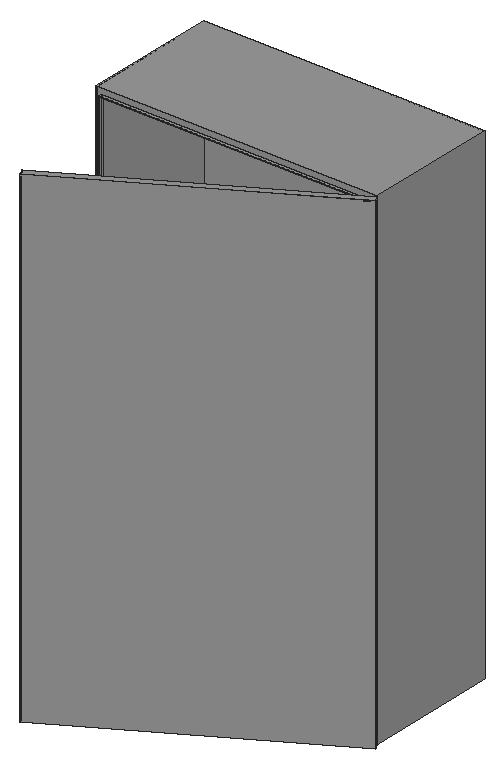
Revit family "Hager-Univers-IP55-D400-H1400-Cl.I-Steel_encl-NoHosted-DE-de", category Equipement électrique, Revit 2020
Family settings
  Configuration du panneau = Deux colonnes, circuits au sein
  Cote de connecteur circulaire = Utiliser le diamètre
  Type d'élément = Tableau de raccordement
  Basée sur le plan de construction = Oui
  Toujours verticalement = Oui
  Couper avec des vides une fois chargée = Non
  Partagée = Non
  Point de calcul de pièce = Non
Parameters (values of type "Aufputz IP55 B800 H1400 T400  - FR93G")
  Width Control [instance] = if([EF000008 - Breite] > Min Width, [EF000008 - Breite], Min Width)  # 800 mm
  Commentaires du type = [HG000003 - Bereich]  # "Univers"
  Thickness Door [instance] = if([EF009171 - Materialstärke Tür/Deckel] > 3 mm, 3 mm, [EF009171 - Materialstärke Tür/Deckel])  # 1.5 mm
  Seal Frame Offset [instance] = 17 mm  # constant formula
  Plinth Visibility [instance] = [HG000027 - Sockelhöhe] > 0 mm  # no
  Min Width [instance] = 100 mm  # constant formula
  Min Depth [instance] = (2 * [EF009170 - Materialstärke Gehäuse]) + 1 mm  # 4 mm
  Min Height [instance] = 100 mm  # constant formula
  Internal Frame Depth [instance] = (Door System Depth * 0.5)  # 9 mm
  Panel Name [instance] = ""  # (empty or 0)
  Model = ""
  HG000027 - Sockelhöhe = 0 mm
  HG000026 - Stehend auf dem Boden = no
  HG000024 - Höhe des unteren Teils = 600 mm
  HG000023 - Gehäuse mit doppeltem Querschnitt = no
  HG000016 - 3D-Türsichtbarkeit [instance] = yes
  HG000015 - Sichtbarkeit der Türöffnung [instance] = no
  HG000014 - Tür rechts [instance] = yes
  HG000013 - Tür links [instance] = not([HG000014 - Tür rechts])  # no
  HG000012 - Türschwenkwinkel [instance] = 30.00°
  HG000010 - Asymmetrische Türen = no
  HG000009 - Doppelflügeligen Tür = no
  HG000006 - Unterputz = no
  HG000004 - Herstellerreferenz = "FR93G"
  HG000003 - Bereich = "Univers"
  HG000002 - Mit tür = yes
  Frame Offset Bottom [instance] = 10 mm  # constant formula
  Frame Offset [instance] = 15 mm  # constant formula
  EF015940 - Deckel mit Überdruckentlastung = no
  EF011959 - Schutzart (NEMA) = ""
  EF009554 - Anzahl der Öffnungen für Flanschplatten = 6
  EF009212 - Ausführung Deckel = "EV000116 - geschlossen"
  EF009171 - Materialstärke Tür/Deckel = 1.5 mm
  EF009170 - Materialstärke Gehäuse = 1.5 mm
  EF008873 - Nennstrom (In) = 800 A
  EF007800 - Geeignet für Blitzschutz = no
  EF006306 - Mit Schloss = no
  EF006244 - Transparenter Deckel/Tür = no
  EF005474 - Schutzart (IP) = "EV006420 - IP55"
  EF004464 - Art der Tür = "EV002646 - Einzel"
  EF004427 - Anzahl der Module = 324
  EF004293 - Schlagfestigkeit = "EV008784 - IK10"
  EF003532 - Geeignet für Außengebrauch = no
  EF002950 - Breite in Teilungseinheiten = 24
  EF001613 - Funktionserhalt = "EV000494 - ohne"
  EF001596 - Werkstoff des Gehäuses = "EV000179 - Stahl"
  EF001131 - Innentiefe = 400 mm
  EF001088 - Anbaumöglichkeit = yes
  EF000437 - Anzahl der Leitungseinführungen = 6
  EF000339 - Art der Abdeckung = "EV004216 - Tür"
  EF000266 - Anzahl der Reihen = 9
  EF000218 - Einbautiefe = 0 mm
  EF000118 - Mit Montageplatte = no
  EF000116 - RAL-Nummer = "7035"
  EF000049 - Tiefe = 400 mm
  EF000040 - Höhe = 1400 mm
  EF000008 - Breite = 800 mm
  EF000007 - Farbe = "EV000270 - grau"
  EF000003 - Montageart = "EV000384 - Aufputz"
  Door System Leaf Tolerance [instance] = 1.5 mm  # constant formula
  Door System Depth [instance] = 18 mm  # constant formula
  Door Height [instance] = Height Control - [HG000027 - Sockelhöhe]  # 1400 mm
  Description = ""
  Default Elevation = 1219.2 mm
  Connector Offset [instance] = Height Control / 2  # 700 mm
  Fabricant = "Hager"  # constant formula
  Height Control [instance] = if([EF000040 - Höhe] > Min Height, [EF000040 - Höhe], Min Height)  # 1400 mm
  Depth Control [instance] = if([EF000049 - Tiefe] > Min Depth, [EF000049 - Tiefe], Min Depth)  # 400 mm
  Bottom Top Plate Trim [instance] = 1.5 mm  # constant formula
  Plinth height Ctrl [instance] = if([HG000027 - Sockelhöhe] > 0 mm, [HG000027 - Sockelhöhe], 12 mm)  # 12 mm
Types (3, lengths in mm): name | Width Control | HG000009 - Doppelflügeligen Tür | HG000004 - Herstellerreferenz | EF009554 - Anzahl der Öffnungen für Flanschplatten | EF004464 - Art der Tür | EF004427 - Anzahl der Module | EF000437 - Anzahl der Leitungseinführungen | EF000008 - Breite
  Aufputz IP55 B1050 H1400 T400  - FR94G | 1050 | yes | "FR94G" | 8 | "EV003602 - Doppel" | 432 | 8 | 1050
  Aufputz IP55 B550 H1400 T400  - FR92G | 550 | no | "FR92G" | 4 | "EV002646 - Einzel" | 216 | 4 | 550
  Aufputz IP55 B800 H1400 T400  - FR93G | 800 | no | "FR93G" | 6 | "EV002646 - Einzel" | 324 | 6 | 800
Reference planes
  plane 1 "Center (Front/Back)": y = 0
  plane 2: z = 0
  plane 3 "Center (Left/Right)": x = 0
  plane 4: y = 0
  plane 5: y = 0
  plane 6: z = 0
  plane 7: x = -400
  plane 8: x = 400
  plane 9: x = 398.5
  plane 10: x = -398.5
  plane 11: z = 0
  plane 12: z = 1.5
  plane 13: y = -400
  plane 14: y = -1.5
  plane 15: x = 0
  plane 16: y = -382
  plane 17: y = -398.5
  plane 18: y = -380.5
  plane 19: x = -383.5
  plane 20: x = 383.5
  plane 21: z = 11.5
  plane 22: x = -383
  plane 23: x = 383
  plane 24: z = 0
  plane 25: z = 1400
  plane 26: z = 1400
  plane 27: z = 1383.5
  plane 28: z = 1398.5
Forms (mm)
  Extrusion 1, solid, material "Hager_Steel_RAL7035_Light_Grey", detail levels medium+fine
    sketch origin (-208.679, -4572, 0) x (-1, 0, 0) y (0, -1, 0)
      loop
        line (191.321, -4190) -> (-608.679, -4190) -> (-608.679, -4572) -> (191.321, -4572) -> (191.321, -4190)
    from 0 to 1400
  Extrusion 2, void
    sketch origin (-350.771, -400, 1219.2) x (1, 0, 0) y (0, 0, 1)
      loop
        line (-47.729, 179.3) -> (-47.729, -1217.7) -> (749.271, -1217.7) -> (749.271, 179.3) -> (-47.729, 179.3)
    from -19.5 to -398.5
  Extrusion 3, void
    sketch origin (-290.084, -382, 1219.2) x (1, 0, 0) y (0, 0, 1)
      loop
        line (-93.416, -1207.7) -> (673.584, -1207.7) -> (673.584, 164.3) -> (-93.416, 164.3) -> (-93.416, -1207.7)
    from 0 to -1.5
  Extrusion 4, solid, material "Hager_Steel_RAL7035_Light_Grey", visible <- "Plinth Visibility", detail levels medium+fine
    sketch origin (0, 0, 0) x (1, 0, 0) y (0, 1, 0)
      loop
        line (-400, 0) -> (-400, -382) -> (400, -382) -> (400, 0) -> (-400, 0)
    from 0 to 12 <- "Plinth height Ctrl"
  Extrusion 5, solid, material "Hager_Steel_RAL7035_Light_Grey", detail levels coarse
    sketch origin (0, 0, 0) x (1, 0, 0) y (0, 1, 0)
      loop
        line (-400, 0) -> (-400, -400) -> (400, -400) -> (400, 0) -> (-400, 0)
    from 0 to 1400 <- "Height Control"
  Sweep 6, void
    path in 3D
      loop
        line (-400, -382, 12) -> (400, -382, 12) -> (400, 0, 12) -> (-400, 0, 12) -> (-400, -382, 12)
    profile origin (-400, -191, 12) x (1, 0, 0) y (0, 0, 1)
      loop
        line (0, 0) -> (0, -1.5) -> (1.5, -1.5)
        arc (1.5, -1.5) -> (1.061, -0.439) -> (0, 0) r 1.5
  Extrusion 7, solid, material "Hager_Steel_RAL7035_Light_Grey", detail levels fine
    sketch origin (-400, -382, 0) x (1, 0, 0) y (0, 0, 1)
      loop
        line (16.5, 11.5) -> (783.5, 11.5) -> (783.5, 1383.5) -> (16.5, 1383.5) -> (16.5, 11.5)
      loop
        line (15, 10) -> (785, 10) -> (785, 1385) -> (15, 1385) -> (15, 10)
    from 0 to 9 <- "Internal Frame Depth"
Cuts and joins
  Extrusion 2, Extrusion 3 cuts Extrusion 1
  Sweep 6 cuts Extrusion 4
Lines and regions (mm)
  Masking region 1
    outline origin (0, 0, 0) x (1, 0, 0) y (0, 1, 0)
      loop
        line (-400, 0) -> (-400, -400) -> (400, -400) -> (400, 0) -> (-400, 0)
  Masking region 2, detail levels coarse
    outline origin (-290.084, -382, 1219.2) x (-1, 0, 0) y (0, 0, 1)
      loop
        line (-690.084, -1219.2) -> (109.916, -1219.2) -> (109.916, 180.8) -> (-690.084, 180.8) -> (-690.084, -1219.2)
  Masking region 3, detail levels coarse
    outline origin (0, 0, 0) x (0, 1, 0) y (0, 0, 1)
      loop
        line (0, 0) -> (0, 1400) -> (-400, 1400) -> (-400, 0) -> (0, 0)
  Masking region 4, visible <- "Plinth Visibility", detail levels medium+fine
    outline origin (0, 0, 0) x (0, 1, 0) y (0, 0, 1)
      loop
        line (-1.5, 12) -> (-380.5, 12)
        arc (-380.5, 12) -> (-380.939, 10.939) -> (-382, 10.5) r 1.5
        line (-382, 10.5) -> (-382, 0) -> (0, 0) -> (0, 10.5)
        arc (0, 10.5) -> (-1.061, 10.939) -> (-1.5, 12) r 1.5
  Masking region 5, detail levels medium+fine
    outline origin (0, 0, 594.038) x (0, 1, 0) y (0, 0, 1)
      loop
        line (0, -594.038) -> (0, 805.962) -> (-382, 805.962) -> (-382, -594.038) -> (0, -594.038)
  Masking region 6, detail levels medium+fine
    outline origin (-359.7, -382, 1211.883) x (-1, 0, 0) y (0, 0, 1)
      loop
        line (-759.7, -1211.883) -> (40.3, -1211.883) -> (40.3, 188.117) -> (-759.7, 188.117) -> (-759.7, -1211.883)
  Masking region 7, visible <- "Plinth Visibility", detail levels medium+fine
    outline origin (-320.334, -382, 1041.368) x (-1, 0, 0) y (0, 0, 1)
      loop
        line (-720.334, -1041.368) -> (79.666, -1041.368) -> (79.666, -1030.868)
        arc (79.666, -1030.868) -> (78.606, -1030.429) -> (78.166, -1029.368) r 1.5
        line (78.166, -1029.368) -> (-718.834, -1029.368)
        arc (-718.834, -1029.368) -> (-719.273, -1030.429) -> (-720.334, -1030.868) r 1.5
        line (-720.334, -1030.868) -> (-720.334, -1041.368)
  sketch lines
    curve 1: line (-400, 0, 12) -> (-400, -382, 12)
    curve 2: line (-400, -382, 12) -> (400, -382, 12)
    curve 3: line (400, 0, 12) -> (-400, 0, 12)
    curve 4: line (400, -382, 12) -> (400, 0, 12)
Dimensions and locks
  locked: plane 1 "Center (Front/Back)" to plane 5
  "EF009170 - Materialstärke Gehäuse": plane 7 to plane 10
  "EF009170 - Materialstärke Gehäuse": plane 8 to plane 9
  equal spacing: plane 7, plane 3 "Center (Left/Right)", plane 8
  "Width Control": plane 7 to plane 8
  "Depth Control": plane 4 to plane 13
  "EF009170 - Materialstärke Gehäuse": plane 4 to plane 14
  "Height Control": plane 25 to level
  "HG000027 - Sockelhöhe": plane 11 to level
  "EF009170 - Materialstärke Gehäuse": plane 12 to plane 11
  "EF009170 - Materialstärke Gehäuse": plane 17 to plane 13
  "EF009170 - Materialstärke Gehäuse": plane 18 to plane 16
  "Frame Offset Bottom": plane 21 to plane 12
  "Frame Offset": plane 10 to plane 19
  "Frame Offset": plane 9 to plane 20
  "Door System Depth": plane 16 to plane 13
  "Seal Frame Offset": plane 7 to plane 22
  "Seal Frame Offset": plane 8 to plane 23
  "EF009170 - Materialstärke Gehäuse": plane 26 to plane 28
  "Frame Offset": plane 28 to plane 27
  "Connector Offset": plane 2 to connector elem
  "Bottom Top Plate Trim": profile plane to Sweep 6 sketch curve
  "Bottom Top Plate Trim": Sweep 6 sketch curve to Sweep 6 sketch curve
  "Plinth height Ctrl": Masking region 4 sketch curve to level
  "Plinth height Ctrl": Masking region 7 sketch curve to level
  "Thickness Door": Extrusion 7 sketch curve to Extrusion 7 sketch curve  (x4)
  "Bottom Top Plate Trim": radius of Sweep 6 sketch curve
  "Bottom Top Plate Trim": radius of Masking region 4 sketch curve  (x2)
  "Bottom Top Plate Trim": radius of Masking region 7 sketch curve  (x2)
  aligned and locked: Extrusion 2 sketch curve to plane 12
  aligned and locked: Extrusion 2 sketch curve to plane 9
  aligned and locked: Extrusion 2 sketch curve to plane 10
  aligned and locked: Extrusion 2 to plane 14
  aligned and locked: Extrusion 1 sketch curve to plane 4
  aligned and locked: plane 8 to Extrusion 1 sketch curve
  aligned and locked: plane 7 to Extrusion 1 sketch curve
  aligned and locked: Extrusion 2 to plane 18
  aligned and locked: Extrusion 3 sketch curve to plane 19
  aligned and locked: plane 20 to Extrusion 3 sketch curve
  aligned and locked: Extrusion 3 to Extrusion 2
  aligned and locked: Extrusion 3 sketch curve to plane 21
  aligned and locked: plane 3 "Center (Left/Right)" to nested 1
  aligned and locked: Extrusion 1 sketch curve to plane 16
  aligned and locked: Extrusion 4 sketch curve to cut or joined group of Extrusion 1, Extrusion 2, Extrusion 3
  aligned and locked: Masking region 1 sketch curve to plane 7
  aligned and locked: Masking region 1 sketch curve to plane 5
  aligned and locked: Masking region 1 sketch curve to plane 8
  aligned and locked: Masking region 2 sketch curve to level
  aligned and locked: level to Masking region 3 sketch curve
  aligned and locked: plane 1 "Center (Front/Back)" to Masking region 3 sketch curve
  aligned and locked: plane 13 to Masking region 3 sketch curve
  aligned and locked: plane 5 to Masking region 4 sketch curve
  aligned and locked: Masking region 2 sketch curve to plane 8
  aligned and locked: Masking region 2 sketch curve to plane 7
  aligned and locked: plane 7 to nested 2
  aligned and locked: nested 2 to plane 5
  aligned and locked: plane 5 to Masking region 5 sketch curve
  aligned and locked: plane 26 to Masking region 5 sketch curve
  aligned and locked: Extrusion 5 sketch curve to plane 8
  aligned and locked: Extrusion 5 sketch curve to plane 7
  aligned and locked: Extrusion 5 sketch curve to plane 5
  aligned and locked: Extrusion 3 sketch curve to plane 27
  aligned and locked: Extrusion 2 sketch curve to plane 28
  aligned and locked: Masking region 2 to plane 25
  aligned and locked: Extrusion 4 to plane 16
  aligned and locked: profile plane to Sweep 6 sketch curve
  aligned and locked: Masking region 5 sketch curve to plane 24
  aligned and locked: level to Masking region 4 sketch curve
  aligned and locked: Masking region 1 to plane 13
  aligned and locked: nested 1 to plane 16
  aligned and locked: Masking region 3 to plane 25
  aligned and locked: plane 16 to Masking region 4 sketch curve
  aligned and locked: Masking region 5 sketch curve to plane 16
  aligned and locked: plane 24 to plane 11
  aligned and locked: plane 26 to plane 25
  aligned and locked: plane 26 to cut or joined group of Extrusion 1, Extrusion 2, Extrusion 3
  aligned and locked: nested 1 to plane 24
  aligned and locked: Extrusion 1 to Extrusion 3
  aligned and locked: Masking region 6 sketch curve to plane 8
  aligned and locked: Masking region 6 sketch curve to plane 24
  aligned and locked: Masking region 6 sketch curve to plane 7
  aligned and locked: Masking region 6 sketch curve to plane 26
  aligned and locked: Masking region 7 sketch curve to plane 7
  aligned and locked: level to Masking region 7 sketch curve
  aligned and locked: Masking region 7 sketch curve to plane 8
  aligned and locked: Extrusion 7 sketch curve to cut or joined group of Extrusion 1, Extrusion 2, Extrusion 3  (x4)
Automatic sketch dimensions
  plane 19 to Extrusion 3 sketch curve = 0 mm
  Extrusion 3 sketch curve to plane 20 = 0 mm
  Extrusion 3 sketch curve to plane 21 = 0 mm
  Extrusion 4 sketch curve to plane 7 = 0 mm
  Extrusion 4 sketch curve to plane 8 = 0 mm
  Extrusion 4 sketch curve to plane 16 = 0 mm
  Masking region 1 sketch curve to plane 13 = 0 mm
  Masking region 2 sketch curve to plane 25 = 0 mm
  Masking region 3 sketch curve to plane 25 = 0 mm
  Extrusion 5 sketch curve to plane 13 = 0 mm
  profile plane to Sweep 6 sketch curve = 0 mm
Nested families
  nested 1: "EC000058_Univers_Door" at (0, -382, 0), Double <- "HG000009 - Doppelflügeligen Tür", Transparent <- "EF006244 - Transparenter Deckel/Tür", Angle <- "HG000012 - Türschwenkwinkel", Door_Right <- "HG000014 - Tür rechts", Assymetrical <- "HG000010 - Asymmetrische Türen", Door <- "HG000002 - Mit tür", Width_Ctrl <- "Width Control", 3d_Door <- "HG000016 - 3D-Türsichtbarkeit", Clearance <- "HG000015 - Sichtbarkeit der Türöffnung", Door_Left <- "HG000013 - Tür links", Width <- "Width Control", Door_Depth <- "Door System Depth", Leaf_Tolerance <- "Door System Leaf Tolerance", Height <- "Door Height", Lock_Visibility <- "EF006306 - Mit Schloss", Thickness <- "Thickness Door", type "EC000058_Univers_Door", detail levels medium+fine
    with min_wh 4 mm, Width_Ctrl 800 mm, Width 800 mm, Transparent no, Thickness 1.5 mm, Seal_Material Hager_Rubber, Lock_Visibility no, Lock_Material Hager_Plastic_RAL9005_Jet_Black, Leaf_Width 800 mm, Leaf_Tolerance_External_Sides 0 mm, Leaf_Tolerance 1.5 mm, Leaf_Offset 0 mm, Leaf_Height 1397 mm, Leaf_2_Width 800 mm, Leaf_2_Offset 400 mm, Leaf_1_Width 800 mm, Leaf_1_Offset 400 mm, Height_Ctrl 1400 mm, Height 1400 mm, Glass_Material Hager_Glass, Double_Clearance_Ctrl no, Double no, Door_Right_Ctrl yes, Door_Right yes, Door_Material Hager_Steel_RAL7035_Light_Grey, Door_Left_Ctrl no, Door_Left no, Door_Depth 18 mm, Door yes, Clearance_Material Hager_Clearance, Clearance_Depth 800 mm, Clearance_Ctrl no, Clearance no, Assymetrical no, Angle 30.00°, 3d_Door yes
  nested 2: "Hager_Enclosure_Symbol" at (-400, 0, 0), Height <- "Depth Control", Width <- "Width Control", type "Hager_Enclosure_Symbol"
    with Width_Ctrl 800 mm, Width 800 mm, Height_Ctrl 400 mm, Height 400 mm, A_Width_Int 26.25 mm, A_Width 315 mm, A_Height_Ctrl 350 mm, A_Height 350 mm
Connectors
  electrical at (0, 0, 700)
    settings: on plane 1 "Center (Front/Back)", index 1, voltage 0 V, apparent load 0 VA, apparent load phase1 0 VA, apparent load phase2 0 VA, apparent load phase3 0 VA, power factor 1, load classification "Other", number of poles 1, system type 30, power factor state 1, is connector primary yes, connector utility no, sub classification motor no, connector description ""
Definition of nested family "EC000058_Univers_Door"
  Parameters (values of type "EC000058_Univers_Door")
    min_wh [instance] = (2 * Thickness) + 1 mm  # 11 mm
    Width_Ctrl [instance] = 400 mm
    Width [instance] = 500 mm
    Transparent [instance] = yes
    Thickness [instance] = 5 mm
    Seal_Material [instance] = none
    Lock_Visibility [instance] = yes
    Lock_Material [instance] = none
    Leaf_Width [instance] = if((Width_Ctrl - 2 * Leaf_Tolerance_External_Sides) > 0 mm, (Width_Ctrl - 2 * Leaf_Tolerance_External_Sides), min_wh)  # 400 mm
    Leaf_Tolerance_External_Sides [instance] = 0 mm  # constant formula
    Leaf_Tolerance [instance] = 1.5 mm
    Leaf_Offset [instance] = 0 mm  # constant formula
    Leaf_Height [instance] = if((Height_Ctrl - 2 * Leaf_Tolerance) > 0 mm, (Height_Ctrl - 2 * Leaf_Tolerance), min_wh)  # 497 mm
    Leaf_2_Width [instance] = if(and(and(Double, Assymetrical), Door_Left), (Leaf_Width / 3) - (Leaf_Tolerance / 2), if(and(and(Double, Assymetrical), Door_Right), (Leaf_Width / 3) * 2 - (Leaf_Tolerance / 2), if(and(Double, not(Assymetrical)), (Leaf_Width / 2) - Leaf_Tolerance, Leaf_Width)))  # 400 mm
    Leaf_2_Offset [instance] = if(and(Double, Assymetrical), Leaf_2_Width / 2, if(and(Double, not(Assymetrical)), Leaf_Width / 4, Leaf_Width / 2))  # 200 mm
    Leaf_1_Width [instance] = if(and(and(Double, Assymetrical), Door_Right), (Leaf_Width / 3) - (Leaf_Tolerance / 2), if(and(and(Double, Assymetrical), Door_Left), (Width / 3) * 2 - (Leaf_Tolerance / 2), if(and(Double, not(Assymetrical)), (Leaf_Width / 2) - Leaf_Tolerance, Leaf_Width)))  # 400 mm
    Leaf_1_Offset [instance] = if(and(Double, Assymetrical), Leaf_1_Width / 2, if(and(Double, not(Assymetrical)), Leaf_Width / 4, Leaf_Width / 2))  # 200 mm
    Height_Ctrl [instance] = if(Height > min_wh, Height, min_wh)  # 500 mm
    Height [instance] = 500 mm
    Glass_Material [instance] = none
    Double_Clearance_Ctrl [instance] = and(Double, Clearance)  # no
    Double [instance] = no
    Door_Right_Ctrl [instance] = and(or(Door_Right, Double), Door)  # yes
    Door_Right [instance] = yes
    Door_Material [instance] = none
    Door_Left_Ctrl [instance] = and(or(Door_Left, Double), Door)  # no
    Door_Left [instance] = no
    Door_Depth [instance] = 30 mm
    Door [instance] = yes
    Default Elevation = 1219.2 mm
    Clearance_Material [instance] = none
    Clearance_Depth [instance] = if(Leaf_1_Width > Leaf_2_Width, Leaf_1_Width, Leaf_2_Width)  # 400 mm
    Clearance_Ctrl [instance] = and(not(Double), Clearance)  # yes
    Clearance [instance] = yes
    Assymetrical [instance] = yes
    Angle [instance] = 30.00°
    3d_Door [instance] = yes
  Reference planes
    plane 1 "Center (Front/Back)": y = 0
    plane 2 "Bottom": z = 0
    plane 3 "Center (Left/Right)": x = 0
    plane 4: z = 500
    plane 5: x = -200
    plane 6: x = 200
    plane 7: z = 500
    plane 8: x = -200
    plane 9: z = 0
    plane 10: x = 200
    plane 11: y = 0
    plane 12: z = 1.5
    plane 13: x = -600
    plane 14: y = -400
    plane 15: x = 600
    plane 16: x = 0
    plane 17: x = 0
    plane 18: x = -200
    plane 19: x = 200
    plane 20: z = 498.5
  Forms (mm)
    Extrusion 1, solid, material <- "Clearance_Material", visible <- "Double_Clearance_Ctrl"
      sketch origin (1200, 0, 0) x (1, 0, 0) y (0, 0, -1)
        loop
          line (-1800, -498.5) -> (-600, -498.5) -> (-600, 0) -> (-1800, 0) -> (-1800, -498.5)
      from 0 to -400
  Dimensions and locks
    equal spacing: plane 5, plane 3 "Center (Left/Right)", plane 6
    "Width_Ctrl": plane 5 to plane 6
    "Leaf_Offset": plane 5 to plane 8
    "Leaf_Offset": plane 6 to plane 10
    "Leaf_Offset": plane 9 to level
    "Leaf_Offset": plane 4 to plane 7
    "Height_Ctrl": plane 4 to level
    "Leaf_Tolerance": plane 12 to plane 9
    locked: plane 11 to plane 1 "Center (Front/Back)"
    "Leaf_1_Offset": plane 18 to plane 16
    "Leaf_2_Offset": plane 17 to plane 19
    "Leaf_1_Width": plane 13 to plane 8
    "Leaf_2_Width": plane 10 to plane 15
    "Clearance_Depth": plane 14 to plane 1 "Center (Front/Back)"
    "Leaf_Tolerance_External_Sides": plane 8 to plane 18
    "Leaf_Tolerance_External_Sides": plane 19 to plane 10
    "Leaf_Tolerance": plane 7 to plane 20
    aligned and locked: level to plane 2 "Bottom"
    aligned and locked: nested 1 to plane 16
    aligned and locked: nested 2 to plane 17
    aligned and locked: Extrusion 1 to plane 13
    aligned and locked: plane 15 to Extrusion 1
    aligned and locked: Extrusion 1 to plane 14
    aligned and locked: plane 12 to nested 1
    aligned and locked: nested 2 to plane 12
    aligned and locked: Extrusion 1 to plane 11
    aligned and locked: plane 20 to Extrusion 1
    aligned and locked: nested 2 to plane 11
    aligned and locked: nested 1 to plane 11
  Automatic sketch dimensions
    Extrusion 1 sketch curve to level = 0 mm
    plane 5 to Extrusion 1 sketch curve = 400 mm
    plane 6 to Extrusion 1 sketch curve = 400 mm
    Extrusion 1 sketch curve to plane 4 = 1.5 mm
  Nested families
    nested 1: "EC000058_Univers_Door_Leaf" at (0, 0, 1.5), Width <- "Leaf_1_Width", visible <- "Door_Left_Ctrl", Leaf_Height <- "Leaf_Height", Angle <- "Angle", 3d_Door <- "3d_Door", Transparent <- "Transparent", Clearance Material <- "Clearance_Material", Clearance <- "Clearance_Ctrl", Door_Material <- "Door_Material", Glass_Material <- "Glass_Material", Door_Depth <- "Door_Depth", Lock_Material <- "Lock_Material", Seal_Material <- "Seal_Material", Lock_Visibility <- "Lock_Visibility", Thickness <- "Thickness", type "EC000058_Univers_Door_Leaf"
      with Width 400 mm, Transparent_Glass_Offset 30 mm, Transparent_Ctrl yes, Transparent yes, Thickness 5 mm, Standard no, Seal_Material none, Seal_D2 8 mm, Seal_D1 1 mm, Offset_Internal_Frame 10 mm, Lock_Width 20 mm, Lock_Visibility_3d yes, Lock_Visibility yes, Lock_Thickness_3 3 mm, Lock_Thickness_2 1 mm, Lock_Thickness_1 3 mm, Lock_Radius_Offset_2 16 mm, Lock_Radius_Offset_1 15 mm, Lock_Radius_2 5 mm, Lock_Radius 6 mm, Lock_Offset 5 mm, Lock_Material none, Lock_Height 80 mm, Lock_Cover_Top_Offset_2d 17 mm, Lock_Cover_Height -65 mm, Leaf_Height 497 mm, Internal_Seal_Thickness 8 mm, Internal_Seal_Depth_2 4.5 mm, Internal_Frame_Depth 25 mm, Glass_Thickness -1 mm, Glass_Offset -2 mm, Glass_Material none, Door_Material none, Door_Depth 30 mm, Clearance Material none, Clearance yes, Angle_Ctrl 30.00°, Angle 30.00°, 3d_Door yes
    nested 2: "EC000058_Univers_Door_Leaf" at (0, 0, 1.5) x (-1, 0, 0) z (0, 0, 1), Width <- "Leaf_2_Width", visible <- "Door_Right_Ctrl", Leaf_Height <- "Leaf_Height", Angle <- "Angle", 3d_Door <- "3d_Door", Transparent <- "Transparent", Clearance Material <- "Clearance_Material", Clearance <- "Clearance_Ctrl", Door_Material <- "Door_Material", Glass_Material <- "Glass_Material", Door_Depth <- "Door_Depth", Lock_Material <- "Lock_Material", Seal_Material <- "Seal_Material", Lock_Visibility <- "Lock_Visibility", Thickness <- "Thickness", type "EC000058_Univers_Door_Leaf"
      with Width 400 mm, Transparent_Glass_Offset 30 mm, Transparent_Ctrl yes, Transparent yes, Thickness 5 mm, Standard no, Seal_Material none, Seal_D2 8 mm, Seal_D1 1 mm, Offset_Internal_Frame 10 mm, Lock_Width 20 mm, Lock_Visibility_3d yes, Lock_Visibility yes, Lock_Thickness_3 3 mm, Lock_Thickness_2 1 mm, Lock_Thickness_1 3 mm, Lock_Radius_Offset_2 16 mm, Lock_Radius_Offset_1 15 mm, Lock_Radius_2 5 mm, Lock_Radius 6 mm, Lock_Offset 5 mm, Lock_Material none, Lock_Height 80 mm, Lock_Cover_Top_Offset_2d 17 mm, Lock_Cover_Height -65 mm, Leaf_Height 497 mm, Internal_Seal_Thickness 8 mm, Internal_Seal_Depth_2 4.5 mm, Internal_Frame_Depth 25 mm, Glass_Thickness -1 mm, Glass_Offset -2 mm, Glass_Material none, Door_Material none, Door_Depth 30 mm, Clearance Material none, Clearance yes, Angle_Ctrl 30.00°, Angle 30.00°, 3d_Door yes
  Definition of nested family "EC000058_Univers_Door_Leaf"
    Parameters (values of type "EC000058_Univers_Door_Leaf")
      Width [instance] = 2000 mm
      Transparent_Glass_Offset [instance] = 30 mm
      Transparent_Ctrl [instance] = and(Transparent, [3d_Door])  # yes
      Transparent [instance] = yes
      Thickness [instance] = 5 mm
      Standard [instance] = and(not(Transparent), [3d_Door])  # no
      Seal_Material [instance] = none
      Seal_D2 [instance] = 8 mm  # constant formula
      Seal_D1 [instance] = 1 mm  # constant formula
      Offset_Internal_Frame [instance] = 10 mm  # constant formula
      Lock_Width [instance] = 20 mm  # constant formula
      Lock_Visibility_3d [instance] = and(Lock_Visibility, [3d_Door])  # yes
      Lock_Visibility [instance] = yes
      Lock_Thickness_3 [instance] = 3 mm  # constant formula
      Lock_Thickness_2 [instance] = 1 mm  # constant formula
      Lock_Thickness_1 [instance] = 3 mm  # constant formula
      Lock_Radius_Offset_2 [instance] = Lock_Radius_Offset_1 + 1 mm  # 16 mm
      Lock_Radius_Offset_1 [instance] = 15 mm  # constant formula
      Lock_Radius_2 [instance] = Lock_Radius - 1 mm  # 5 mm
      Lock_Radius [instance] = 6 mm  # constant formula
      Lock_Offset [instance] = 5 mm  # constant formula
      Lock_Material [instance] = none
      Lock_Height [instance] = 80 mm  # constant formula
      Lock_Cover_Top_Offset_2d [instance] = Lock_Radius_Offset_2 + 1 mm  # 17 mm
      Lock_Cover_Height [instance] = -(Lock_Height - Lock_Radius_Offset_1)  # -65 mm
      Leaf_Height [instance] = 2720.336 mm
      Internal_Seal_Thickness [instance] = 8 mm  # constant formula
      Internal_Seal_Depth_2 [instance] = 4.5 mm  # constant formula
      Internal_Frame_Depth [instance] = if(Door_Depth - Thickness > 5 mm, Door_Depth - Thickness, 5 mm)  # 25 mm
      Glass_Thickness [instance] = if(Thickness > 15 mm, Glass_Offset + 10 mm, -1 mm)  # -1 mm
      Glass_Offset [instance] = if(Thickness > 15 mm, -(Thickness + 10 mm) / 2, -2 mm)  # -2 mm
      Glass_Material [instance] = none
      Door_Material [instance] = none
      Door_Depth [instance] = 30 mm
      Default Elevation = 0 mm
      Clearance Material [instance] = none
      Clearance [instance] = yes
      Angle_Ctrl [instance] = if(Angle > 180.00°, 180.00°, Angle)  # 90.00°
      Angle [instance] = 90.00°
      3d_Door [instance] = yes
    Reference planes
      plane 1 "Center (Front/Back)": y = 0
      plane 2: z = 0
      plane 3 "Center (Left/Right)": x = 0
      plane 4: y = 2000
      plane 5: x = -1000
      plane 6: x = 1000
      plane 7: x = -3000
      plane 8: z = 2720.336
      plane 9: z = 30
      plane 10: z = 2690.336
      plane 11: x = 970
      plane 12: x = -970
      plane 13: y = -3
      plane 14: z = 107.833
      plane 15: y = -5
      plane 16: y = -223.314
      plane 17: x = -1000
      plane 18: z = 1360.168
      plane 19: y = 30
    Forms (mm)
      Extrusion 1, solid, material <- "Clearance Material", visible <- "Clearance"
        sketch origin (0, 0, 0) x (1, 0, 0) y (0, 0, 1)
          loop
            line (-3000, 2720.336) -> (-3000, 0) -> (1000, 0) -> (1000, 2720.336) -> (-3000, 2720.336)
        from 0 to -2000
      Extrusion 2, solid, material <- "Door_Material", visible <- "Standard", detail levels medium+fine
        sketch origin (-1000, 0, 0) x (0, 1, 0) y (-1, 0, 0)
          loop
            line (0, 30) -> (0, 25) -> (2000, 25) -> (2000, 30) -> (0, 30)
        from 0 to 2720.336 <- "Leaf_Height"
      Extrusion 3, solid, material <- "Door_Material", visible <- "Transparent_Ctrl", detail levels medium+fine
        sketch origin (-1000, 0, 0) x (0, 1, 0) y (-1, 0, 0)
          loop
            line (0, 25) -> (2000, 25) -> (2000, 30) -> (0, 30) -> (0, 25)
        from 0 to 2720.336 <- "Leaf_Height"
      Extrusion 4, void
        sketch origin (-1025, 2000, 0) x (0, 1, 0) y (0, 0, -1)
          loop
            line (-30, -2690.336) -> (-30, -30) -> (-1970, -30) -> (-1970, -2690.336) -> (-30, -2690.336)
        from 0 to 5 <- "Thickness"
      Sweep 5, solid, material <- "Seal_Material", visible <- "Transparent_Ctrl", detail levels fine
        path in 3D
          loop
            line (-1025, 30, 30) -> (-1025, 30, 2690.336) -> (-1025, 1970, 2690.336) -> (-1025, 1970, 30) -> (-1025, 30, 30)
        profile origin (-1025, 1000, 30) x (1, 0, 0) y (0, 0, 1)
          loop
            line (0, 0) -> (0, -8) -> (1, -8) -> (1, 0) -> (0, 0)
      Extrusion 6, solid, material <- "Glass_Material", visible <- "Transparent_Ctrl", detail levels medium+fine
        sketch origin (-1030, 0, 0) x (0, 1, 0) y (0, 0, -1)
          loop
            line (1970, -2690.336) -> (1970, -30) -> (30, -30) -> (30, -2690.336) -> (1970, -2690.336)
        from -2 <- "Glass_Offset" to -1 <- "Glass_Thickness"
      Extrusion 7, solid, material <- "Door_Material", visible <- "3d_Door", detail levels medium+fine
        sketch origin (-1025, 2000, 0) x (0, -1, 0) y (0, 0, -1)
          loop
            line (0, -2720.336) -> (2000, -2720.336) -> (2000, 0) -> (0, 0) -> (0, -2720.336)
          loop
            line (1995, -5) -> (5, -5) -> (5, -2715.336) -> (1995, -2715.336) -> (1995, -5)
        from 0 to 25 <- "Internal_Frame_Depth"
      Sweep 8, solid, material <- "Seal_Material", visible <- "Transparent_Ctrl", detail levels fine
        path in 3D
          loop
            line (-1025, 0, 0) -> (-1025, 2000, 0) -> (-1025, 2000, 2720.336) -> (-1025, 0, 2720.336) -> (-1025, 0, 0)
        profile origin (-1025, 0, 1360.168) x (1, 0, 0) y (0, 1, 0)
          loop
            line (0, 10) -> (2.975, 10)
            arc (2.975, 10) -> (4.053, 10.447) -> (4.5, 11.525) r 1.525
            line (4.5, 11.525) -> (4.5, 16.527)
            arc (4.5, 16.527) -> (4.069, 17.569) -> (3.027, 18) r 1.473
            line (3.027, 18) -> (0, 18) -> (0, 10)
      Extrusion 9, solid, material <- "Lock_Material", visible <- "Lock_Visibility_3d", detail levels fine
        sketch origin (-1030, 0, 0) x (0, 1, 0) y (0, 0, -1)
          loop
            arc (1993.5, -1400.168) -> (1994.561, -1399.729) -> (1995, -1398.668) r 1.5
            line (1995, -1398.668) -> (1995, -1320.168) -> (1975, -1320.168) -> (1975, -1398.668)
            arc (1975, -1398.668) -> (1975.439, -1399.729) -> (1976.5, -1400.168) r 1.5
            line (1976.5, -1400.168) -> (1993.5, -1400.168)
        from 3 <- "Lock_Thickness_1" to 0
      Blend 10, solid, material <- "Lock_Material", visible <- "Lock_Visibility_3d", detail levels fine
        base sketch origin (-1033, 0, 0) x (0, 1, 0) y (0, 0, -1)
          loop
            line (1975, -1320.168) -> (1975, -1398.668)
            arc (1975, -1398.668) -> (1975.439, -1399.729) -> (1976.5, -1400.168) r 1.5
            line (1976.5, -1400.168) -> (1993.5, -1400.168)
            arc (1993.5, -1400.168) -> (1994.561, -1399.729) -> (1995, -1398.668) r 1.5
            line (1995, -1398.668) -> (1995, -1320.168) -> (1975, -1320.168)
        top sketch origin (-1033, 0, 0) x (0, 1, 0) y (0, 0, -1)
          loop
            line (1976, -1320.168) -> (1976, -1398.668)
            arc (1976, -1398.668) -> (1976.146, -1399.022) -> (1976.5, -1399.168) r 0.5
            line (1976.5, -1399.168) -> (1993.5, -1399.168)
            arc (1993.5, -1399.168) -> (1993.854, -1399.022) -> (1994, -1398.668) r 0.5
            line (1994, -1398.668) -> (1994, -1320.168) -> (1976, -1320.168)
        from 0 to 1 <- "Lock_Thickness_2"
      Blend 11, solid, material <- "Lock_Material", visible <- "Lock_Visibility_3d", detail levels fine
        base sketch origin (-1034, 0, 0) x (0, 1, 0) y (0, 0, -1)
          loop
            line (1978, -1320.168) -> (1978, -1384.168)
            arc (1978, -1384.168) -> (1985, -1391.168) -> (1992, -1384.168) r 7
            line (1992, -1384.168) -> (1992, -1320.168) -> (1978, -1320.168)
        top sketch origin (-1034, 0, 0) x (0, 1, 0) y (0, 0, -1)
          loop
            line (1991, -1320.168) -> (1979, -1320.168) -> (1979, -1383.168)
            arc (1979, -1383.168) -> (1985, -1389.168) -> (1991, -1383.168) r 6
            line (1991, -1383.168) -> (1991, -1320.168)
        from 0 to 3 <- "Lock_Thickness_3"
      Extrusion 12, solid, material <- "Lock_Material", visible <- "Lock_Visibility_3d", detail levels fine
        sketch origin (-1030, 1975, 1320.168) x (1, 0, 0) y (0, -1, 0)
          loop
            line (-7, -19) -> (-7, -1) -> (0, -1) -> (0, 0) -> (-8, 0) -> (-8, -20) -> (0, -20) -> (0, -19) -> (-7, -19)
        from 0 to -65 <- "Lock_Cover_Height"
      Extrusion 13, void
        sketch origin (-1038, 1995, 1320.168) x (-1, 0, 0) y (0, 0, -1)
          loop
            line (-5, -65) -> (0, -65) -> (-5, -60) -> (-5, -65)
        from 0 to 20 <- "Lock_Width"
      Extrusion 14, void
        sketch origin (-1038, 1975, 1320.168) x (0, -1, 0) y (0, 0, -1)
          loop
            circle (-10, -15.995) r 6
          loop
            circle (-10, -15.995) r 5
        from 0 to 2
      Extrusion 15, solid, material <- "Lock_Material", visible <- "Lock_Visibility_3d", detail levels medium
        sketch origin (-1030, 0, 0) x (0, 1, 0) y (0, 0, -1)
          loop
            arc (1993.5, -1400.168) -> (1994.561, -1399.729) -> (1995, -1398.668) r 1.5
            line (1995, -1398.668) -> (1995, -1320.168) -> (1975, -1320.168) -> (1975, -1398.668)
            arc (1975, -1398.668) -> (1975.439, -1399.729) -> (1976.5, -1400.168) r 1.5
            line (1976.5, -1400.168) -> (1993.5, -1400.168)
        from 8 to 0
    Cuts and joins
      Extrusion 4 cuts Extrusion 3
      Extrusion 13, Extrusion 14 cuts Extrusion 9
      Extrusion 14 cuts Blend 11
      Extrusion 13, Extrusion 14 cuts Extrusion 12
      joined: Extrusion 9, Blend 10, Blend 11, Extrusion 12
      Extrusion 14 cuts Extrusion 15
    Lines and regions (mm)
      Masking region 1, visible <- "Lock_Visibility", detail levels fine
        outline origin (0, 0, 0) x (0, 1, 0) y (0, 0, 1)
          loop
            line (30, 1320.168) -> (33, 1320.168) -> (33, 1400.168) -> (30, 1400.168) -> (30, 1320.168)
      Masking region 2, visible <- "Lock_Visibility", detail levels fine
        outline origin (0, 3.143, 0) x (0, 1, 0) y (0, 0, 1)
          loop
            line (29.857, 1354.168) -> (30.857, 1354.168) -> (30.857, 1366.168) -> (29.857, 1366.168) -> (29.857, 1354.168)
      Masking region 3, detail levels medium+fine
        outline origin (0, 0, 0) x (0, 1, 0) y (0, 0, 1)
          loop
            line (0, 0) -> (30, 0) -> (30, 2720.336) -> (0, 2720.336) -> (0, 0)
      Masking region 4, detail levels medium+fine
        outline origin (0, 0, 0) x (1, 0, 0) y (0, 0, 1)
          loop
            line (-1000, 2720.336) -> (-1000, 0) -> (1000, 0) -> (1000, 2720.336) -> (-1000, 2720.336)
      Masking region 5, visible <- "Lock_Visibility", detail levels fine
        outline origin (-47.116, 0, 0) x (1, 0, 0) y (0, 0, 1)
          loop
            arc (1024.616, 1399.168) -> (1023.556, 1398.729) -> (1023.116, 1397.668) r 1.5
            line (1023.116, 1397.668) -> (1023.116, 1320.168) -> (1041.116, 1320.168) -> (1041.116, 1397.668)
            arc (1041.116, 1397.668) -> (1040.677, 1398.729) -> (1039.616, 1399.168) r 1.5
            line (1039.616, 1399.168) -> (1024.616, 1399.168)
      Masking region 6, visible <- "Lock_Visibility", detail levels medium+fine
        outline origin (-25, 0, 0) x (1, 0, 0) y (0, 0, 1)
          loop
            arc (1001.5, 1400.168) -> (1000.439, 1399.729) -> (1000, 1398.668) r 1.5
            line (1000, 1398.668) -> (1000, 1320.168) -> (1020, 1320.168) -> (1020, 1398.668)
            arc (1020, 1398.668) -> (1019.561, 1399.729) -> (1018.5, 1400.168) r 1.5
            line (1018.5, 1400.168) -> (1001.5, 1400.168)
      Masking region 7, visible <- "Lock_Visibility", detail levels fine
        outline origin (-73.735, 0, 0) x (1, 0, 0) y (0, 0, 1)
          loop
            line (1051.735, 1382.168) -> (1065.735, 1382.168) -> (1065.735, 1384.168)
            arc (1065.735, 1384.168) -> (1058.735, 1391.168) -> (1051.735, 1384.168) r 7
            line (1051.735, 1384.168) -> (1051.735, 1382.168)
      Masking region 8, visible <- "Lock_Visibility", detail levels fine
        outline origin (-73.735, 0, 0) x (1, 0, 0) y (0, 0, 1)
          loop
            line (1052.735, 1382.168) -> (1064.735, 1382.168) -> (1064.735, 1383.168)
            arc (1064.735, 1383.168) -> (1058.735, 1389.168) -> (1052.735, 1383.168) r 6
            line (1052.735, 1383.168) -> (1052.735, 1382.168)
      Masking region 9, visible <- "Lock_Visibility", detail levels fine
        outline origin (-25, 0, 0) x (1, 0, 0) y (0, 0, 1)
          loop
            line (1020, 1320.168) -> (1020, 1382.168) -> (1000, 1382.168) -> (1000, 1320.168) -> (1020, 1320.168)
      Masking region 10, detail levels medium+fine
        outline origin (0, 0, 0) x (1, 0, 0) y (0, 0, 1)
          loop
            circle (985, 1335.144) r 6
      Masking region 11, detail levels fine
        outline origin (0, 0, 0) x (1, 0, 0) y (0, 0, 1)
          loop
            circle (985, 1335.144) r 5
      Masking region 12, visible <- "Lock_Visibility", detail levels fine
        outline origin (0, 12.767, 0) x (0, 1, 0) y (0, 0, 1)
          loop
            line (20.233, 1320.168) -> (21.233, 1320.168) -> (21.233, 1399.168) -> (20.233, 1400.168) -> (20.233, 1320.168)
      Masking region 13, visible <- "Lock_Visibility", detail levels fine
        outline origin (0, 13.767, -10) x (0, 1, 0) y (0, 0, 1)
          loop
            line (20.233, 1330.168) -> (23.233, 1330.168) -> (23.233, 1399.168) -> (20.233, 1402.168) -> (20.233, 1330.168)
      Masking region 14, visible <- "Lock_Visibility", detail levels fine
        outline origin (0, 12.767, -10) x (0, 1, 0) y (0, 0, 1)
          loop
            line (20.233, 1330.168) -> (25.233, 1330.168) -> (25.233, 1399.305) -> (20.233, 1394.305) -> (20.233, 1330.168)
      Masking region 15, visible <- "Lock_Visibility", detail levels medium
        outline origin (0, 0, 0) x (0, 1, 0) y (0, 0, 1)
          loop
            line (30, 1320.168) -> (38, 1320.168) -> (38, 1400.168) -> (30, 1400.168) -> (30, 1320.168)
      Masking region 16, visible <- "Lock_Visibility", detail levels fine
        outline origin (-1000, 0, 0) x (0, 1, 0) y (-1, 0, 0)
          loop
            line (1975, 30) -> (1995, 30) -> (1995, 38) -> (1975, 38) -> (1975, 30)
          loop
            line (1979, 37) -> (1976, 37) -> (1976, 34) -> (1978, 34) -> (1979, 37)
          loop
            line (1994, 37) -> (1991, 37) -> (1992, 34) -> (1994, 34) -> (1994, 37)
      Masking region 17, visible <- "Lock_Visibility", detail levels medium
        outline origin (-1000, 0, 0) x (0, 1, 0) y (-1, 0, 0)
          loop
            line (1975, 30) -> (1995, 30) -> (1995, 38) -> (1975, 38) -> (1975, 30)
      symbolic lines
        curve 1: line (1000, 0, 0) -> (-3000, 0, 0)
        curve 2: arc (1000, 0, 0) -> (-1000, 2000, 0) -> (-3000, 0, 0) r 2000
        curve 4: line (-1030, 0, 0) -> (-1030, 2000, 0)
      reference lines
        curve 3: line (-1000, 0, 0) -> (-1000, 2000, 0)
      symbolic lines, detail levels medium+fine
        curve 5: line (-1030, 2000, 0) -> (-1025, 2000, 0)
        curve 7: line (-1025, 0, 0) -> (-1030, 0, 0)
        curve 8: line (-1025, 0, 0) -> (-1000, 0, 0)
        curve 9: line (-1000, 0, 0) -> (-1000, 2000, 0)
        curve 10: line (-1000, 2000, 0) -> (-1025, 2000, 0)
      symbolic lines, detail levels fine
        curve 6: line (-1025, 2000, 0) -> (-1025, 0, 0)
      sketch lines
        curve 11: line (-1025, 0, 2720.336) -> (-1025, 0, 0)
        curve 12: line (-1025, 2000, 0) -> (-1025, 0, 0)
        curve 13: line (-1025, 2000, 2720.336) -> (-1025, 2000, 0)
        curve 14: line (-1025, 0, 2720.336) -> (-1025, 2000, 2720.336)
        curve 15: line (-1025, 1970, 30) -> (-1025, 30, 30)
        curve 16: line (-1025, 30, 30) -> (-1025, 30, 2690.336)
        curve 17: line (-1025, 1970, 2690.336) -> (-1025, 1970, 30)
        curve 18: line (-1025, 30, 2690.336) -> (-1025, 1970, 2690.336)
      symbolic lines, visible <- "Transparent", detail levels medium+fine
        curve 19: line (-970, 0, 2690.336) -> (970, 0, 2690.336)
        curve 20: line (-970, 0, 30) -> (-970, 0, 2690.336)
        curve 21: line (970, 0, 30) -> (-970, 0, 30)
        curve 22: line (970, 0, 2690.336) -> (970, 0, 30)
    Dimensions and locks
      "Width": plane 1 "Center (Front/Back)" to plane 4
      equal spacing: plane 5, plane 3 "Center (Left/Right)", plane 6
      "Width": plane 5 to plane 6
      "Width": plane 7 to plane 5
      "Leaf_Height": plane 8 to level
      "Width": curve 5 to curve 3
      "Width": curve 3 to curve 3
      plane 8 to plane 10 = 30 mm
      plane 9 to level = 30 mm
      plane 12 to plane 5 = 30 mm
      plane 6 to plane 11 = 30 mm
      Extrusion 1 to Extrusion 4 sketch curve = 30 mm
      "Transparent_Glass_Offset": curve 3 to Extrusion 4 sketch curve
      "Transparent_Glass_Offset": Extrusion 4 sketch curve to cut or joined group of Extrusion 3, Extrusion 4  (x2)
      cut or joined group of Extrusion 3, Extrusion 4 to Extrusion 6 sketch curve = 30 mm
      "Transparent_Glass_Offset": cut or joined group of Extrusion 3, Extrusion 4 to Extrusion 4 sketch curve
      "Thickness": curve 6 to curve 4
      "Thickness": Extrusion 7 sketch curve to Extrusion 7 sketch curve  (x4)
      "Door_Depth": curve 4 to curve 3
      "Offset_Internal_Frame": profile plane to Sweep 8 sketch curve
      "Internal_Seal_Thickness": Sweep 8 sketch curve to Sweep 8 sketch curve
      "Internal_Seal_Depth_2": profile plane to Sweep 8 sketch curve
      "Seal_D1": profile plane to Sweep 5 sketch curve
      "Seal_D2": profile plane to Sweep 5 sketch curve
      "Thickness": Extrusion 2 sketch curve to Extrusion 2 sketch curve
      equal spacing: Extrusion 9 sketch curve, plane 18, Extrusion 9 sketch curve  (x2)
      equal spacing: Masking region 1 sketch curve, plane 18, Masking region 1 sketch curve
      "Lock_Height": Masking region 1 sketch curve to Masking region 1 sketch curve
      "Lock_Radius": Masking region 2 sketch curve to plane 18 to Masking region 2 sketch curve
      Masking region 2 sketch curve to Masking region 1 = 1 mm
      "Door_Depth": plane 19 to plane 1 "Center (Front/Back)"
      "Lock_Thickness_1": Masking region 1 sketch curve to plane 19
      "Lock_Width": Extrusion 9 sketch curve to Extrusion 9 sketch curve
      "Lock_Height": Extrusion 9 sketch curve to Extrusion 9 sketch curve
      "Lock_Offset": cut or joined group of Extrusion 3, Extrusion 4 to Extrusion 9 sketch curve
      equal spacing: plane 8, plane 18, level
      "Lock_Radius_Offset_1": Blend 11 sketch curve to Blend 10
      locked: Blend 10 to Blend 11 sketch curve at 2  (x2)
      locked: var sketch to Blend 11 sketch curve at 1  (x2)
      "Lock_Radius_Offset_2": Blend 11 sketch curve to Blend 10
      locked: Extrusion 12 sketch curve to Extrusion 12 sketch curve at 1  (x3)
      Masking region 6 sketch curve to Masking region 6 sketch curve = 80 mm
      "Lock_Height": Masking region 6 sketch curve to Masking region 6 sketch curve
      "Lock_Width": Masking region 6 sketch curve to Masking region 6 sketch curve
      locked: Masking region 6 to Masking region 5 sketch curve at 1  (x3)
      locked: Masking region 5 to Masking region 7 sketch curve at 2  (x2)
      "Lock_Radius_Offset_1": Masking region 5 to Masking region 7 sketch curve
      "Lock_Radius_Offset_2": Masking region 5 to Masking region 8 sketch curve
      locked: Masking region 7 to Masking region 8 sketch curve at 1  (x2)
      "Lock_Cover_Top_Offset_2d": Masking region 5 to Masking region 9 sketch curve
      equal spacing: Masking region 9, Masking region 10 sketch curve, Masking region 9
      equal spacing: Masking region 9, Masking region 11 sketch curve, Masking region 9
      Extrusion 15 sketch curve to Extrusion 15 sketch curve = 80 mm
      "Lock_Width": Extrusion 15 sketch curve to Extrusion 15 sketch curve
      "Lock_Height": Extrusion 15 sketch curve to Extrusion 15 sketch curve
      equal spacing: Extrusion 15 sketch curve, plane 18, Extrusion 15 sketch curve
      "Lock_Thickness_3": Masking region 13 sketch curve to Masking region 13 sketch curve
      "Lock_Height": Masking region 12 sketch curve to Masking region 12 sketch curve
      locked: Masking region 13 sketch curve to Masking region 1 at 8
      locked: Masking region 14 sketch curve to Masking region 13 at 1
      locked: Masking region 14 sketch curve to Masking region 1 at 10.863
      "Lock_Height": Masking region 15 sketch curve to Masking region 15 sketch curve
      "Lock_Offset": Extrusion 15 sketch curve to cut or joined group of Extrusion 3, Extrusion 4
      "Lock_Offset": plane 6 to Masking region 6 sketch curve
      radius of Sweep 8 sketch curve = 1.525 mm
      radius of Sweep 8 sketch curve = 1.473 mm
      radius of Extrusion 9 sketch curve = 1.5 mm  (x2)
      "Lock_Radius": radius of Extrusion 14 sketch curve
      "Lock_Radius_2": radius of Extrusion 14 sketch curve
      "Lock_Radius": radius of Masking region 10 sketch curve
      "Lock_Radius_2": radius of Masking region 11 sketch curve
      radius of Extrusion 15 sketch curve = 1.5 mm  (x2)
      "Angle_Ctrl": angle plane 1 "Center (Front/Back)" to curve 3
      locked: Masking region 12 sketch curve to Masking region 12 sketch curve (angle 45.00°)
      locked: Masking region 13 sketch curve to Masking region 13 sketch curve (angle 45.00°)
      locked: Masking region 14 sketch curve to Masking region 14 sketch curve (angle 45.00°)
      aligned and locked: level to plane 2
      aligned and locked: Extrusion 1 to curve 1
      aligned and locked: plane 6 to Extrusion 1
      aligned and locked: Extrusion 1 to plane 1 "Center (Front/Back)"
      aligned and locked: plane 4 to Extrusion 1
      aligned and locked: plane 8 to Extrusion 1
      aligned and locked: curve 7 to Extrusion 2 sketch curve
      aligned and locked: curve 5 to Extrusion 2 sketch curve
      aligned and locked: curve 7 to Extrusion 3 sketch curve
      aligned and locked: Extrusion 3 sketch curve to curve 4
      aligned and locked: Extrusion 3 sketch curve to curve 6
      aligned and locked: Extrusion 3 sketch curve to curve 5
      aligned and locked: curve 9 to curve 3
      aligned and locked: Extrusion 7 sketch curve to cut or joined group of Extrusion 3, Extrusion 4  (x4)
      aligned and locked: plane 17 to curve 3
      aligned and locked: plane 1 "Center (Front/Back)" to curve 3
      aligned and locked: plane 17 to plane 5
      aligned and locked: Sweep 8 sketch curve to profile plane
      aligned and locked: Sweep 5 sketch curve to profile plane  (x2)
      aligned and locked: Masking region 1 to Masking region 2 sketch curve
      aligned and locked: plane 19 to Masking region 1 sketch curve
      aligned and locked: plane 1 "Center (Front/Back)" to Masking region 3 sketch curve
      aligned and locked: plane 19 to Masking region 3 sketch curve
      aligned and locked: level to Masking region 3 sketch curve
      aligned and locked: Masking region 3 sketch curve to plane 8
      aligned and locked: plane 17 to Masking region 4 sketch curve
      aligned and locked: level to Masking region 4 sketch curve
      aligned and locked: Masking region 4 sketch curve to plane 8
      aligned and locked: plane 12 to curve 20
      aligned and locked: plane 10 to curve 19
      aligned and locked: plane 11 to curve 22
      aligned and locked: curve 21 to plane 9
      aligned and locked: Extrusion 2 sketch curve to cut or joined group of Extrusion 3, Extrusion 4
      aligned and locked: Blend 10 sketch curve to Extrusion 9  (x4)
      aligned and locked: Extrusion 9 to Blend 10 sketch curve
      aligned and locked: Blend 10 to Blend 11 sketch curve
      aligned and locked: Extrusion 12 sketch curve to Blend 11
      aligned and locked: Extrusion 12 sketch curve to Extrusion 9  (x4)
      aligned and locked: Masking region 5 sketch curve to Masking region 6
      aligned and locked: Masking region 9 sketch curve to Masking region 6  (x3)
      aligned and locked: Masking region 12 sketch curve to Masking region 1
      aligned and locked: Masking region 13 sketch curve to Masking region 1
      aligned and locked: Masking region 12 to Masking region 14
      aligned and locked: Masking region 14 sketch curve to Masking region 1
      aligned and locked: Masking region 15 sketch curve to Masking region 14
      aligned and locked: Masking region 13 sketch curve to Masking region 12
      aligned and locked: Masking region 16 sketch curve to cut or joined group of Extrusion 14, Extrusion 15  (x4)
      aligned and locked: Masking region 16 sketch curve to cut or joined group of Extrusion 9, Blend 10, Blend 11, Extrusion 12, Extrusion 13, Extrusion 14  (x6)
      aligned and locked: cut or joined group of Extrusion 9, Blend 10, Blend 11, Extrusion 12, Extrusion 13, Extrusion 14 to Masking region 16 sketch curve
      aligned and locked: Masking region 17 sketch curve to cut or joined group of Extrusion 14, Extrusion 15  (x3)
      aligned and locked: Masking region 17 sketch curve to cut or joined group of Extrusion 9, Blend 10, Blend 11, Extrusion 12, Extrusion 13, Extrusion 14
      aligned and locked: Masking region 9 to Masking region 8 sketch curve
      aligned and locked: Masking region 9 to Masking region 7 sketch curve
    Automatic sketch dimensions
      plane 1 "Center (Front/Back)" to curve 2 = 0 mm
      curve 2 to plane 5 = 0 mm
      Extrusion 1 sketch curve to level = 0 mm
      Extrusion 1 sketch curve to plane 7 = 0 mm
      Extrusion 1 sketch curve to plane 6 = 0 mm
      Extrusion 1 sketch curve to plane 8 = 0 mm
      Extrusion 3 to Extrusion 6 sketch curve = 30 mm  (x4)
      Masking region 4 sketch curve to plane 6 = 0 mm
      Blend 10 sketch curve to Extrusion 9 = 1.5 mm
      Blend 10 sketch curve to Extrusion 9 = 1 mm
      Extrusion 13 sketch curve to Extrusion 12 = 0 mm  (x2)
      Extrusion 12 to Extrusion 13 sketch curve = 3 mm
      Extrusion 13 sketch curve to Extrusion 12 = 5 mm
      Extrusion 14 sketch curve to Extrusion 14 sketch curve = 0 mm  (x2)
      Extrusion 14 sketch curve to Extrusion 12 = 10 mm
      Extrusion 14 sketch curve to Extrusion 12 = 15.995 mm
      Masking region 5 sketch curve to Masking region 5 sketch curve = 1.5 mm  (x2)
      Masking region 10 sketch curve to plane 18 = 25.024 mm
      Masking region 11 sketch curve to plane 18 = 25.024 mm
      plane 19 to Masking region 14 sketch curve = 3 mm
      Masking region 16 sketch curve to Masking region 16 sketch curve = 3 mm
      curve 4 to curve 3 = 0 mm
      Blend 10 to Blend 11 sketch curve = 0 mm
      Masking region 6 sketch curve to Masking region 6 sketch curve = 1.5 mm  (x2)
      Masking region 6 sketch curve to plane 18 = 40 mm
      plane 19 to Masking region 12 sketch curve = 3 mm
      Masking region 12 sketch curve to Masking region 12 sketch curve = 1 mm
      Masking region 15 sketch curve to plane 19 = 0 mm
      Masking region 15 sketch curve to plane 18 = 40 mm
      radius of Blend 10 sketch curve to Extrusion 9 = 1 mm
Definition of nested family "Hager_Enclosure_Symbol"
  Parameters (values of type "Hager_Enclosure_Symbol")
    Width_Ctrl [instance] = if(Width > 1 mm, Width, 1 mm)  # 102.27 mm
    Width [instance] = 102.27 mm
    Height_Ctrl [instance] = if(Height > 1 mm, Height, 1 mm)  # 66.5 mm
    A_Width_Int [instance] = if(A_Width / 12 > 2 mm, A_Width / 12, 2 mm)  # 4.364 mm
    A_Width [instance] = if(A_Height_Ctrl * 0.9 > 2 mm, A_Height_Ctrl * 0.9, 2 mm)  # 52.369 mm
    A_Height_Ctrl [instance] = if(A_Height > 2 mm, A_Height, 2 mm)  # 58.188 mm
    Height [instance] = 66.5 mm
    A_Height [instance] = Height - (Height / 8)  # 58.188 mm
  Reference planes
    plane 1 "Centre (avant/arrière)": y = 0
    plane 2: z = 0
    plane 3 "Centre (gauche/droite)": x = 0
    plane 4: x = 52.369
    plane 5: y = 33.042
    plane 6: y = 41.77
    plane 7: y = 66.5
    plane 8: x = 26.184
    plane 9: y = 37.406
    plane 10: x = 102.27
    plane 11: y = 66.5
    plane 12: y = 8.313
  Lines and regions (mm)
    Filled region 1, type "Solid_Black", in view "Niveau de réf."
      outline origin (0, 0, 0) x (1, 0, 0) y (0, 1, 0)
        loop
          line (52.369, 66.5) -> (33.188, 54.536) -> (45.365, 45.006) -> (52.369, 66.5)
    Filled region 2, type "Solid_Black", in view "Niveau de réf."
      outline origin (0, 0, 0) x (1, 0, 0) y (0, 1, 0)
        loop
          line (0, 0) -> (102.27, 0) -> (102.27, 66.5) -> (0, 0)
    detail lines, in view "Niveau de réf."
      curve 1: line (0, 8.313, 0) -> (26.184, 41.77, 0)
      curve 2: line (26.184, 41.77, 0) -> (26.184, 33.042, 0)
      curve 3: line (26.184, 33.042, 0) -> (52.369, 66.5, 0)
  Dimensions and locks
    "A_Width": plane 3 "Centre (gauche/droite)" to plane 4
    equal spacing: plane 3 "Centre (gauche/droite)", plane 8, plane 4
    equal spacing: plane 6, plane 9, plane 5
    equal spacing: curve 3, Filled region 1 sketch curve, Filled region 1 sketch curve
    "Height_Ctrl": plane 1 "Centre (avant/arrière)" to plane 11
    "A_Height_Ctrl": plane 11 to plane 12
    equal spacing: plane 11, plane 9, plane 12
    "A_Width_Int": plane 6 to plane 9
    "Width_Ctrl": plane 3 "Centre (gauche/droite)" to plane 10
    angle Filled region 1 sketch curve to curve 3 = 20.00°
    angle curve 3 to Filled region 1 sketch curve = 20.00°
    locked: curve 3 to Filled region 1 sketch curve (angle 90.00°)
    aligned and locked: plane 10 to Filled region 2
    aligned and locked: plane 11 to Filled region 2 sketch curve
    aligned and locked: plane 10 to Filled region 2 sketch curve
    aligned and locked: plane 3 "Centre (gauche/droite)" to curve 1
    aligned and locked: plane 12 to curve 1
    aligned and locked: plane 7 to plane 11
  Automatic sketch dimensions
    Filled region 1 sketch curve to plane 4 = 0 mm
    Filled region 1 sketch curve to plane 7 = 0 mm
    plane 1 "Centre (avant/arrière)" to Filled region 2 sketch curve = 0 mm
    Filled region 2 sketch curve to plane 3 "Centre (gauche/droite)" = 0 mm
    curve 2 to plane 6 = 0 mm
    curve 2 to plane 8 = 0 mm
    curve 3 to plane 4 = 0 mm
    curve 2 to plane 5 = 0 mm
    curve 3 to plane 7 = 0 mm
